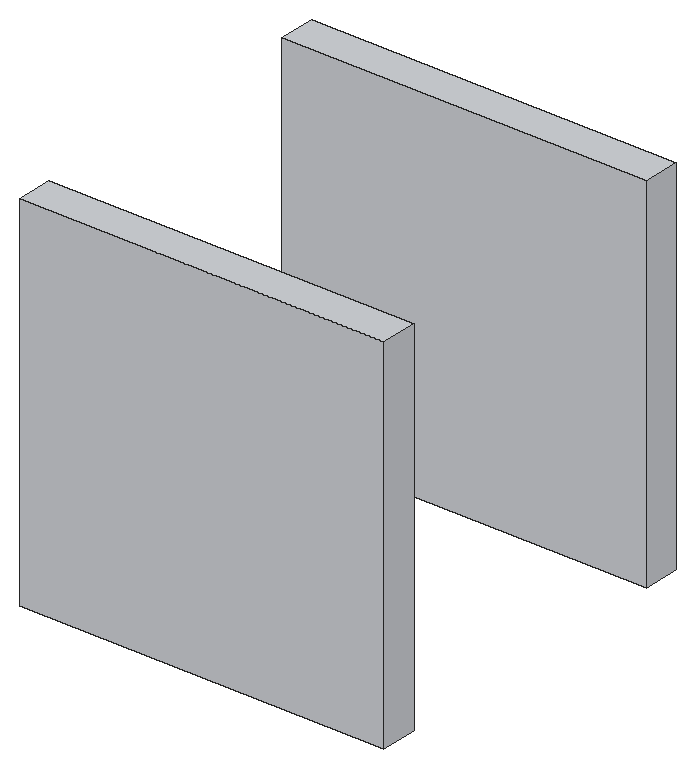
Revit family "ELP - LineBased FIGLIO H", category Generic Models, Revit 2020
Family settings
  Can host rebar = No
  Round Connector Dimension = Use Diameter
  Part Type = Normal
  Cut with Voids When Loaded = No
  Shared = No
  Room Calculation Point = No
Parameters (values of type "H 20x20x2")
  spessore = 20 mm
  profondità = 200 mm
  distanza = 200 mm
  base = 200 mm
  built-in parameter 1001306 [instance] = 1200 mm
  Default Elevation = 0 mm
Reference planes
  plane 1 "Center (Front/Back)": y = 0
  plane 2: z = 0
  plane 3 "Left": x = 0
  plane 4 "Right": x = 1200
  plane 5: z = 200
  plane 6: x = 200
  plane 7: y = 20
  plane 8: y = 180
  plane 9: y = 200
Forms (mm)
  Extrusion 1, solid
    sketch origin (0, 0, 0) x (1, 0, 0) y (0, 1, 0)
      loop
        line (0, 20) -> (0, 0) -> (200, 0) -> (200, 20) -> (0, 20)
      loop
        line (0, 200) -> (0, 180) -> (200, 180) -> (200, 200) -> (0, 200)
    from 0 to 200
Lines and regions (mm)
  reference lines
    curve 1: line (0, 0, 0) -> (1200, 0, 0)
Dimensions and locks
  "built-in parameter 1001306": plane 3 "Left" to plane 4 "Right"
  "base": plane 6 to plane 3 "Left"
  "profondità": plane 5 to level
  "spessore": plane 7 to plane 1 "Center (Front/Back)"
  "spessore": plane 9 to plane 8
  "distanza": plane 9 to plane 1 "Center (Front/Back)"
  aligned and locked: plane 4 "Right" to curve 1
  aligned and locked: plane 1 "Center (Front/Back)" to curve 1
  aligned and locked: plane 3 "Left" to curve 1
  aligned and locked: level to plane 2
  aligned and locked: Extrusion 1 to plane 3 "Left"  (x2)
  aligned and locked: plane 6 to Extrusion 1  (x2)
  aligned and locked: plane 9 to Extrusion 1
  aligned and locked: Extrusion 1 to plane 8
  aligned and locked: plane 7 to Extrusion 1
  aligned and locked: plane 1 "Center (Front/Back)" to Extrusion 1
  aligned and locked: plane 5 to Extrusion 1
Automatic sketch dimensions
  Extrusion 1 sketch curve to plane 3 "Left" = 0 mm  (x2)
  plane 6 to Extrusion 1 sketch curve = 0 mm  (x2)
  plane 1 "Center (Front/Back)" to Extrusion 1 sketch curve = 0 mm
  plane 7 to Extrusion 1 sketch curve = 0 mm
  Extrusion 1 sketch curve to plane 8 = 0 mm
  plane 9 to Extrusion 1 sketch curve = 0 mm
